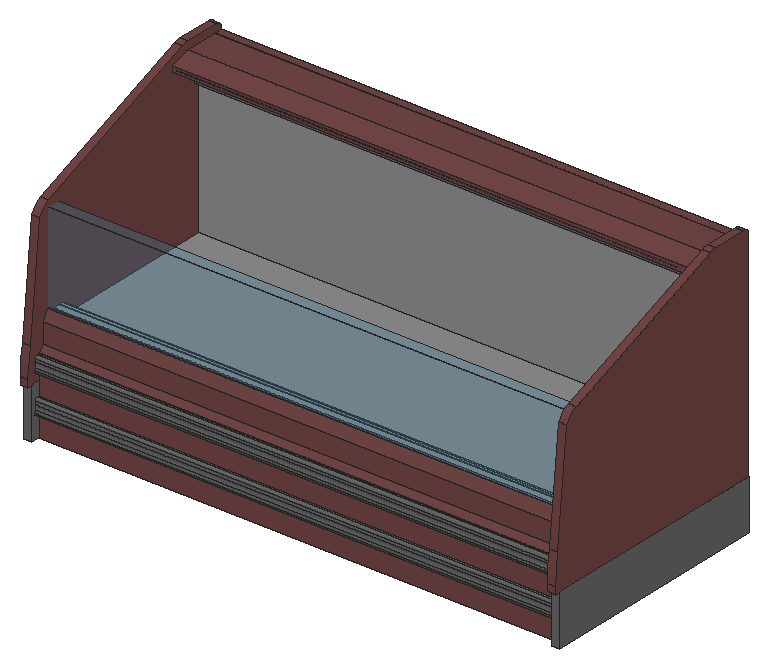
Revit family "UPA", category Mechanical Equipment, Revit 2019
Family settings
  Round Connector Dimension = Use Radius
  Part Type = Normal
  OmniClass Number = 23.40.40.11.17
  OmniClass Title = Refrigerated Cases
  Work Plane-Based = Yes
  Always vertical = Yes
  Cut with Voids When Loaded = No
  Shared = No
  Room Calculation Point = No
Parameters (values of type "UPA-8'")
  Width = 43 1/8"  # constant formula
  URL = "http://www.hillphoenix.com/?s=UPA"
  TOP REFRIGERATION PIPING = yes
  TOP ELECTRICAL = yes
  TOEKICK [instance] = BLACK PAINTED METAL
  Shelf distance = 48"
  STAINLESS STEEL = GALVANIZED STEEL
  SANITARY PIPE SIZE = DRAIN LINE DIAMETER / 2  # 3/4"
  Refgn = 8 5/8"
  Refrig Charge Lbs = "-"  # constant formula
  RT STD END = yes
  REFRIGERATION PIPING = COPPER PIPE
  SUCTION LINE RADIUS = SUCTION LINE DIAMETER / 2  # 1/4"
  SUCTION LINE DIAMETER = 1" / 2  # 1/2"
  SUCTION LINE CONNECTION = "SUCTION LINE CONNECTION"  # constant formula
  RUBBER BUMPER [instance] = BLACK
  REAR REFRIGERATION PIPING = yes
  PRESSURE REGULATOR = 0.00 psi  # constant formula
  POWER FACTOR = 0  # constant formula
  PAINTED METAL UPPER SHELF = PAINTED SHELVES
  PAINTED METAL INTERIOR [instance] = GALVANIZED STEEL
  PAINTED METAL EXTERIOR [instance] = CHARCOAL BROWN
  Number of Shelf = 3
  Number of Doors = 2
  Model = "UPA"  # constant formula
  Manufacturer = "HILL PHOENIX"  # constant formula
  Load Mbh = 0  # constant formula
  Length = 96"
  Legend Number = Model  # "UPA"
  LOAD 5 WATTAGE = 0 W  # constant formula
  LOAD 5 VOLTAGE = 120 V  # constant formula
  LOAD 5 POLES = 1
  LOAD 5 PLUG TYPE = "HARDWIRED"  # constant formula
  LOAD 5 DESCRIPTION = "DRAIN HEATER CONNECTION"  # constant formula
  LOAD 5 CLASSIFICATION = none
  LOAD 4 WATTAGE = 0 W
  LOAD 4 VOLTAGE = 208 V  # constant formula
  LOAD 4 POLES = 1
  LOAD 4 PLUG TYPE = "HARDWIRED"  # constant formula
  LOAD 4 DESCRIPTION = "DEFROST HEATER CONNECTION"  # constant formula
  LOAD 4 CLASSIFICATION = none
  LOAD 3 WATTAGE = 0 W
  LOAD 3 VOLTAGE = 120 V  # constant formula
  LOAD 3 POLES = 1
  LOAD 3 PLUG TYPE = "HARDWIRED"  # constant formula
  LOAD 3 DESCRIPTION = "ANTI-SWEAT CONNECTION"  # constant formula
  LOAD 3 CLASSIFICATION = Power
  LOAD 2 WATTAGE = 0 W
  LOAD 2 VOLTAGE = 120 V  # constant formula
  LOAD 2 POLES = 1
  LOAD 2 PLUG TYPE = "HARDWIRED"  # constant formula
  LOAD 2 DESCRIPTION = "HIGH EFFICIENCY FANS CONNECTION"  # constant formula
  LOAD 2 CLASSIFICATION = Motor
  LOAD 1 WATTAGE = 0 W
  LOAD 1 VOLTAGE = 120 V  # constant formula
  LOAD 1 POLES = 1
  LOAD 1 PLUG TYPE = "HARDWIRED"  # constant formula
  LOAD 1 DESCRIPTION = "LIGHTS - STANDARD POWER (SHELF or CORNICE)"  # constant formula
  LOAD 1 CLASSIFICATION = Lighting
  LIQUID LINE RADIUS = 3/16"  # constant formula
  LIQUID LINE DIAMETER = LIQUID LINE RADIUS * 2  # 3/8"
  LIQUID LINE CONNECTION = "LIQUID LINE CONNECTION"  # constant formula
  LIGHT AMPS = 0 A  # constant formula
  LF STD END = yes
  LEFT END = yes
  Keynote = ""  # constant formula
  Item Description = Description  # "Mobile Single-Deck Self-Contained Merchandiser"
  Height = 49 1/4"  # constant formula
  HIGH EFFICIENCY FANS AMPS = 0 A  # constant formula
  GLASS = Glass
  Evap Temp = 0  # constant formula
  Ends = yes
  EQUIPMENT MARK = Legend Number  # "UPA"
  EQUIPMENT DESCRIPTION = Item Description  # "Mobile Single-Deck Self-Contained Merchandiser"
  END PANEL = none
  Door = Door 8' : OGM-8'
  Description = "Mobile Single-Deck Self-Contained Merchandiser"  # constant formula
  Defrost Type = "TIMED-OFF DEFROST"  # constant formula
  Defrost Termination = "- °F"  # constant formula
  Defrost Num Day = 0  # constant formula
  Default Elevation = 48"
  DRIP PAN PLUMB TYPE = "HARD"  # constant formula
  DRAIN PIPING = yes
  DRAIN PIPE TYPE = "PVC"  # constant formula
  DRAIN LINE DIAMETER = 1 1/2"  # constant formula
  DRAIN LINE CONNECTION = "SANITARY CONNECTION"  # constant formula
  DRAIN HEATERS AMPS = 0 A  # constant formula
  DISCHARGE AIR VELOCITY = "-(FPM)"  # constant formula
  DISCHARGE AIR TEMP = 0 °F  # constant formula
  DESIGNERS NAME = "SHIDDRAMESH"  # constant formula
  DEFROST AMPS = 0 A  # constant formula
  DATE = "05/11/2017"  # constant formula
  Certifications = "NSF 7, UL471, CSA"  # constant formula
  CENTER LINE = 48"
  BOTTOM REFRIGERATION PIPING = yes
  BOTTOM ELECTRICAL = yes
  BASE [instance] = BLACK PAINTED METAL
  Assembly Code = ""
  ANTI CON AMPS = 0 A  # constant formula
  8" Shelf = yes
  10" Shelf = yes
Reference planes (in)
  plane 1: z = 0.01963
  plane 2 "LEFT": x = 0
  plane 3 "CASE RIGHT": x = 96
  plane 4: z = 0
  plane 5: x = 48
  plane 6: x = 97.5
  plane 7: y = -18.93244
  plane 8: y = -62.05744
  plane 9: z = 49.25
  plane 10: z = -1.0112
  plane 11: through (-240, -30.65526, 50.0876) normal (0, 0.7954, 0.6061)
  plane 12: through (-240, -60.33733, 26.52557) normal (0, 0.7954, 0.6061)
  plane 13: z = -1.3125
Forms (in)
  Extrusion 1, solid, material "Glass" <- "GLASS"
    sketch origin (0, 0, -0.34953) x (0, 1, 0) y (0, 0, 1)
      loop
        line (-58.85529, 19.69617) -> (-57.58763, 19.69617) -> (-57.58763, 20.43295) -> (-56.56278, 20.43295) -> (-56.56278, 37.58833) -> (-58.85529, 37.58833) -> (-58.85529, 20.73127) -> (-58.85529, 19.69617)
    from 0 to 96
  Extrusion 2, solid, material "CHARCOAL BROWN" <- "PAINTED METAL EXTERIOR"
    sketch origin (0, 0, 0) x (0, 1, 0) y (0, 0, 1)
      loop
        line (-58.85529, 19.34665) -> (-58.85529, 20.73127) -> (-59.09928, 20.73127) -> (-60.17904, 18.78772) -> (-60.17904, 15.11655) -> (-59.09928, 15.11655) -> (-59.09928, 19.34665) -> (-58.85529, 19.34665)
    from 0 to 96
  Extrusion 3, solid, material "GALVANIZED STEEL" <- "PAINTED METAL INTERIOR"
    sketch origin (0, 0, 0) x (0, 1, 0) y (0, 0, 1)
      loop
        line (-20.43244, 43.04891) -> (-24.21991, 43.04891) -> (-24.21991, 17.89423) -> (-52.80108, 17.89423) -> (-55.42812, 20.08342) -> (-55.64407, 20.08342) -> (-56.07597, 20.08342) -> (-57.58763, 20.08342) -> (-57.58763, 19.34665) -> (-57.58763, 15.67548) -> (-45.49438, 15.67548) -> (-42.98394, 10.8638) -> (-21.27416, 10.8638) -> (-20.43244, 15.8638) -> (-20.43244, 43.04891)
    from 0 to 96
  Extrusion 4, solid, material "CHARCOAL BROWN" <- "PAINTED METAL EXTERIOR"
    sketch origin (0, 0, 0) x (0, 1, 0) y (0, 0, 1)
      loop
        line (-57.58763, 15.67548) -> (-57.58763, 19.34665) -> (-59.09928, 19.34665) -> (-59.09928, 14.16383) -> (-46.57414, 14.16383) -> (-43.73776, 9.3638) -> (-18.93244, 9.3638) -> (-18.93244, 49.25) -> (-20.43244, 49.25) -> (-20.43244, 15.8638) -> (-21.27416, 10.8638) -> (-42.98394, 10.8638) -> (-45.49438, 15.67548) -> (-57.58763, 15.67548)
    from 0 to 96
  Extrusion 5, solid, material "CHARCOAL BROWN" <- "PAINTED METAL EXTERIOR"
    sketch origin (0, 0, 0) x (0, 1, 0) y (0, 0, 1)
      loop
        line (-25.29146, 47.04891) -> (-24.29146, 47.04891) -> (-24.29146, 43.04891) -> (-20.43244, 43.04891) -> (-20.43244, 49.2388) -> (-26.70667, 49.2388) -> (-30.37783, 48.15905) -> (-30.37783, 47.0793) -> (-29.94593, 47.0793) -> (-29.94593, 47.72715) -> (-27.57047, 48.375) -> (-25.29146, 47.61533) -> (-25.29146, 47.04891)
    from 0 to 96
  Extrusion 6, solid, material "GALVANIZED STEEL" <- "PAINTED METAL INTERIOR"
    sketch origin (0, 0, 0) x (0, 1, 0) y (0, 0, 1)
      loop
        circle (-28.77235, 47.09102) r 0.5
    from 0 to 96
  Extrusion 7, solid, material "BLACK PAINTED METAL" <- "BASE"
    sketch origin (0, 0, 0) x (0, 1, 0) y (0, 0, 1)
      loop
        line (-24.29146, 47.04891) -> (-25.29146, 47.04891) -> (-25.29146, 43.04891) -> (-24.29146, 43.04891) -> (-24.29146, 47.04891)
    from 0 to 96
  Extrusion 8, solid, material "BLACK PAINTED METAL" <- "BASE"
    sketch origin (0, 0, 0) x (0, 1, 0) y (0, 0, 1)
      loop
        line (-18.93244, 9.3638) -> (-43.73776, 9.3638) -> (-46.57414, 14.16383) -> (-59.31523, 14.16383) -> (-59.31523, 0) -> (-58.01953, 0) -> (-58.01953, 3.88711) -> (-20.22814, 3.88711) -> (-20.22814, 0) -> (-18.93244, 0) -> (-18.93244, 9.3638)
    from 0 to 96
  Extrusion 9, solid, material "CHARCOAL BROWN" <- "PAINTED METAL EXTERIOR"
    sketch origin (0, 0, 0) x (0, 1, 0) y (0, 0, 1)
      loop
        line (-59.31523, 0) -> (-59.31523, 14.16383) -> (-59.09928, 14.16383) -> (-59.09928, 15.11655) -> (-60.17904, 15.11655) -> (-61.05744, 14.0368) -> (-61.05744, 4) -> (-61.05744, 0) -> (-59.31523, 0)
    from 0 to 96
  Extrusion 10, solid, material "BLACK PAINTED METAL" <- "BASE"
    sketch origin (0, 0, 0) x (0, 1, 0) y (0, 0, 1)
      loop
        arc (-61.55744, 7) -> (-61.91099, 6.85355) -> (-62.05744, 6.5) r 0.5
        line (-62.05744, 6.5) -> (-62.05744, 5.98412)
        arc (-62.05744, 5.98412) -> (-61.93244, 5.5) -> (-62.05744, 5.01588) r 1
        line (-62.05744, 5.01588) -> (-62.05744, 4.5)
        arc (-62.05744, 4.5) -> (-61.91099, 4.14645) -> (-61.55744, 4) r 0.5
        line (-61.55744, 4) -> (-61.05744, 4) -> (-61.05744, 7) -> (-61.55744, 7)
    from 0 to 96
  Extrusion 11, solid, material "BLACK PAINTED METAL" <- "BASE"
    sketch origin (0, 0, 7) x (0, 1, 0) y (0, 0, 1)
      loop
        arc (-61.55744, 7) -> (-61.91099, 6.85355) -> (-62.05744, 6.5) r 0.5
        line (-62.05744, 6.5) -> (-62.05744, 5.98412)
        arc (-62.05744, 5.98412) -> (-61.93244, 5.5) -> (-62.05744, 5.01588) r 1
        line (-62.05744, 5.01588) -> (-62.05744, 4.5)
        arc (-62.05744, 4.5) -> (-61.91099, 4.14645) -> (-61.55744, 4) r 0.5
        line (-61.55744, 4) -> (-61.05744, 4) -> (-61.05744, 7) -> (-61.55744, 7)
    from 0 to 96
  Extrusion 12, solid, material "CHARCOAL BROWN" <- "PAINTED METAL EXTERIOR"
    sketch origin (0, 0, 0) x (0, 1, 0) y (0, 0, 1)
      loop
        arc (-58.66839, 38.37938) -> (-59.94056, 37.55322) -> (-60.76672, 36.28105) r 3.64792
        line (-60.76672, 36.28105) -> (-62.88796, 16.09883)
        arc (-62.88796, 16.09883) -> (-63.31778, 13.38502) -> (-63.46158, 10.64115) r 26.25
        line (-63.46158, 10.64115) -> (-63.46158, 9.36298) -> (-18.93244, 9.36298) -> (-18.93244, 49.51725)
        arc (-18.93244, 49.51725) -> (-19.22533, 50.22436) -> (-19.93244, 50.51725) r 1
        line (-19.93244, 50.51725) -> (-26.51935, 50.51725)
        arc (-26.51935, 50.51725) -> (-27.12504, 50.45359) -> (-27.70425, 50.26539) r 2.91319
        line (-27.70425, 50.26539) -> (-58.66839, 38.37938)
    from 0 to -1.47538
  Extrusion 13, solid, material "BLACK PAINTED METAL" <- "BASE"
    sketch origin (0, 0, 0) x (0, 1, 0) y (0, 0, 1)
      loop
        line (-62.55744, 9.36298) -> (-62.55744, 0) -> (-18.93244, 0) -> (-18.93244, 9.36298) -> (-62.55744, 9.36298)
    from 0 to -1.47538
  Extrusion 14, solid, material "CHARCOAL BROWN" <- "PAINTED METAL EXTERIOR"
    sketch origin (96, 0, 0) x (0, 1, 0) y (0, 0, -1)
      loop
        line (-58.66839, -38.37938) -> (-27.70425, -50.26539)
        arc (-27.70425, -50.26539) -> (-27.12504, -50.45359) -> (-26.51935, -50.51725) r 2.91319
        line (-26.51935, -50.51725) -> (-19.93244, -50.51725)
        arc (-19.93244, -50.51725) -> (-19.22533, -50.22436) -> (-18.93244, -49.51725) r 1
        line (-18.93244, -49.51725) -> (-18.93244, -9.36298) -> (-63.46158, -9.36298) -> (-63.46158, -10.64115)
        arc (-63.46158, -10.64115) -> (-63.31778, -13.38502) -> (-62.88796, -16.09883) r 26.25
        line (-62.88796, -16.09883) -> (-60.76672, -36.28105)
        arc (-60.76672, -36.28105) -> (-59.94056, -37.55322) -> (-58.66839, -38.37938) r 3.64792
    from 0 to -1.47538
  Extrusion 15, solid, material "BLACK PAINTED METAL" <- "BASE"
    sketch origin (96, 0, 0) x (0, 1, 0) y (0, 0, -1)
      loop
        line (-62.55744, -9.36298) -> (-18.93244, -9.36298) -> (-18.93244, 0) -> (-62.55744, 0) -> (-62.55744, -9.36298)
    from 0 to -1.47538
Lines and regions (in)
  model lines
    curve 1: circle (0, -23.4674, 0.9888) r 2 normal (-1, 0, 0)
    curve 2: circle (0, -52.40481, 0.9888) r 2 normal (-1, 0, 0)
Dimensions and locks (in)
  "Length": plane 2 "LEFT" to plane 3 "CASE RIGHT"
  "CENTER LINE": plane 2 "LEFT" to plane 5
  locked: plane 3 "CASE RIGHT" to plane 6 at 1.5
  "Height": plane 4 to plane 9
  "Width": plane 7 to plane 8
  Extrusion 13 to Extrusion 9 = 42 1/8"
  Extrusion 12 to Extrusion 5 = 7.77423"
  Extrusion 7 to Extrusion 3 = 25.15469"
  Extrusion 3 to Extrusion 3 = 28.58118"
  plane 10 to Extrusion 2 = 21.74247"
  plane 10 to Extrusion 1 = 38 1/4"
  plane 11 to plane 12 = 37.88973"
  plane 13 to Extrusion 5 = 50.5513"
Automatic sketch dimensions
  Extrusion 2 sketch curve to plane 8 = 1.8784"
  Extrusion 2 sketch curve to Extrusion 2 sketch curve = 1.07975"
  Extrusion 2 sketch curve to Extrusion 2 sketch curve = 0"
  Extrusion 2 sketch curve to Extrusion 2 sketch curve = 0.244"
  plane 1 to Extrusion 2 sketch curve = 15.09692"
  Extrusion 2 sketch curve to Extrusion 2 sketch curve = 3.67116"
  Extrusion 2 sketch curve to Extrusion 2 sketch curve = 0.55893"
  Extrusion 2 sketch curve to Extrusion 2 sketch curve = 1.38463"
  Extrusion 4 sketch curve to plane 7 = 0"
  plane 7 to Extrusion 4 sketch curve = 1 1/2"
  plane 7 to Extrusion 4 sketch curve = 2.34172"
  Extrusion 4 sketch curve to plane 8 = 19.0735"
  Extrusion 4 sketch curve to Extrusion 4 sketch curve = 0.75382"
  Extrusion 4 sketch curve to Extrusion 4 sketch curve = 2.51044"
  Extrusion 4 sketch curve to Extrusion 4 sketch curve = 1.07975"
  Extrusion 4 sketch curve to plane 8 = 4.46981"
  Extrusion 4 sketch curve to Extrusion 4 sketch curve = 1.51166"  (x2)
  plane 1 to Extrusion 4 sketch curve = 9.34417"
  Extrusion 4 sketch curve to Extrusion 4 sketch curve = 1 1/2"
  plane 1 to Extrusion 4 sketch curve = 14.1442"
  Extrusion 4 sketch curve to Extrusion 4 sketch curve = 5"
  Extrusion 4 sketch curve to Extrusion 4 sketch curve = 3.67116"
  plane 9 to Extrusion 4 sketch curve = 0"
  plane 9 to Extrusion 5 sketch curve = 1.09095"
  plane 7 to Extrusion 5 sketch curve = 11.44539"
  Extrusion 5 sketch curve to Extrusion 5 sketch curve = 0.4319"  (x2)
  plane 9 to Extrusion 5 sketch curve = 7/8"
  Extrusion 5 sketch curve to Extrusion 5 sketch curve = 2.37546"
  plane 9 to Extrusion 5 sketch curve = 0.0112"
  Extrusion 5 sketch curve to Extrusion 5 sketch curve = 0.8638"
  Extrusion 5 sketch curve to Extrusion 5 sketch curve = 1.4152"
  Extrusion 5 sketch curve to Extrusion 5 sketch curve = 1"
  plane 7 to Extrusion 5 sketch curve = 1 1/2"
  plane 9 to Extrusion 5 sketch curve = 1.63467"
  Extrusion 5 sketch curve to Extrusion 5 sketch curve = 0.64785"
  Extrusion 5 sketch curve to Extrusion 5 sketch curve = 145/256"
  Extrusion 5 sketch curve to Extrusion 5 sketch curve = 4"
  plane 9 to Extrusion 7 sketch curve = 2.20109"
  plane 7 to Extrusion 7 sketch curve = 6.35903"
  Extrusion 7 sketch curve to Extrusion 7 sketch curve = 1"
  Extrusion 7 sketch curve to Extrusion 7 sketch curve = 4"
  level to Extrusion 8 sketch curve = 0"
  Extrusion 8 sketch curve to plane 7 = 0"
  plane 7 to Extrusion 8 sketch curve = 1.2957"
  Extrusion 8 sketch curve to plane 8 = 18.31968"
  Extrusion 8 sketch curve to Extrusion 8 sketch curve = 2.83638"
  Extrusion 8 sketch curve to plane 8 = 4.03791"
  Extrusion 8 sketch curve to Extrusion 8 sketch curve = 1.2957"
  Extrusion 8 sketch curve to plane 1 = 0.01963"
  plane 1 to Extrusion 8 sketch curve = 3.86748"
  Extrusion 8 sketch curve to Extrusion 8 sketch curve = 5.47669"
  Extrusion 8 sketch curve to Extrusion 8 sketch curve = 10.27671"
  level to Extrusion 9 sketch curve = 0"
  Extrusion 9 sketch curve to plane 8 = 1"
  Extrusion 9 sketch curve to Extrusion 9 sketch curve = 0.8784"
  Extrusion 9 sketch curve to Extrusion 9 sketch curve = 1 95/128"
  Extrusion 9 sketch curve to Extrusion 9 sketch curve = 0.21595"
  plane 1 to Extrusion 9 sketch curve = 3.98037"
  Extrusion 9 sketch curve to Extrusion 9 sketch curve = 10.0368"
  Extrusion 9 sketch curve to Extrusion 9 sketch curve = 0.12703"
  Extrusion 9 sketch curve to Extrusion 9 sketch curve = 0.95273"
  Extrusion 10 sketch curve to plane 8 = 0"  (x2)
  plane 8 to Extrusion 10 sketch curve = 7/8"
  Extrusion 10 sketch curve to Extrusion 10 sketch curve = 1/2"  (x2)
  Extrusion 10 sketch curve to plane 8 = 1/2"
  plane 1 to Extrusion 10 sketch curve = 3.98037"
  Extrusion 10 sketch curve to Extrusion 10 sketch curve = 0.51588"  (x2)
  Extrusion 10 sketch curve to Extrusion 10 sketch curve = 0.48412"
  Extrusion 11 sketch curve to plane 8 = 0"  (x2)
  plane 8 to Extrusion 11 sketch curve = 7/8"
  Extrusion 11 sketch curve to Extrusion 11 sketch curve = 1/2"  (x3)
  plane 1 to Extrusion 11 sketch curve = 10.98037"
  Extrusion 11 sketch curve to Extrusion 11 sketch curve = 0.51588"  (x2)
  Extrusion 11 sketch curve to Extrusion 11 sketch curve = 0.48412"
  level to Extrusion 13 sketch curve = 0"
  Extrusion 13 sketch curve to plane 7 = 0"
  plane 8 to Extrusion 13 sketch curve = 1/2"
  plane 1 to Extrusion 13 sketch curve = 9.34335"
  Extrusion 15 sketch curve to level = 0"
  Extrusion 15 sketch curve to plane 7 = 0"
  plane 8 to Extrusion 15 sketch curve = 1/2"
  plane 1 to Extrusion 15 sketch curve = 9.34335"
  Extrusion 1 sketch curve to plane 8 = 3.20215"
  Extrusion 1 sketch curve to Extrusion 1 sketch curve = 1.26766"
  Extrusion 1 sketch curve to Extrusion 1 sketch curve = 2.29251"
  plane 1 to Extrusion 1 sketch curve = 19.32701"
  Extrusion 1 sketch curve to Extrusion 1 sketch curve = 0.73678"
  Extrusion 1 sketch curve to Extrusion 1 sketch curve = 1.0351"
  plane 9 to Extrusion 1 sketch curve = 12.0112"
  Extrusion 12 sketch curve to plane 7 = 0"
  plane 7 to Extrusion 12 sketch curve = 1"
  Extrusion 12 sketch curve to plane 9 = 1.26725"
  Extrusion 12 sketch curve to Extrusion 12 sketch curve = 6.58691"
  Extrusion 12 sketch curve to plane 9 = 1.01539"
  Extrusion 12 sketch curve to Extrusion 12 sketch curve = 1.1849"
  plane 7 to Extrusion 12 sketch curve = 18.27915"
  Extrusion 12 sketch curve to plane 8 = 4.69634"
  plane 8 to Extrusion 12 sketch curve = 0.83052"
  plane 8 to Extrusion 12 sketch curve = 1.40415"
  plane 9 to Extrusion 12 sketch curve = 14.27625"
  plane 1 to Extrusion 12 sketch curve = 16.0792"
  Extrusion 12 sketch curve to Extrusion 12 sketch curve = 1.27817"
  Extrusion 12 sketch curve to plane 8 = 3.38905"
  Extrusion 12 sketch curve to plane 8 = 1.29072"
  Extrusion 12 sketch curve to Extrusion 12 sketch curve = 3.40563"
  Extrusion 14 sketch curve to plane 7 = 0"
  plane 7 to Extrusion 14 sketch curve = 1"
  Extrusion 14 sketch curve to plane 9 = 1.26725"
  Extrusion 14 sketch curve to Extrusion 14 sketch curve = 6.58691"
  Extrusion 14 sketch curve to plane 9 = 1.01539"
  Extrusion 14 sketch curve to Extrusion 14 sketch curve = 1.1849"
  plane 7 to Extrusion 14 sketch curve = 18.27915"
  Extrusion 14 sketch curve to plane 8 = 4.69634"
  plane 8 to Extrusion 14 sketch curve = 0.83052"
  plane 8 to Extrusion 14 sketch curve = 1.40415"
  plane 9 to Extrusion 14 sketch curve = 14.27625"
  plane 1 to Extrusion 14 sketch curve = 16.0792"
  Extrusion 14 sketch curve to Extrusion 14 sketch curve = 1.27817"
  Extrusion 14 sketch curve to plane 8 = 3.38905"
  Extrusion 14 sketch curve to plane 8 = 1.29072"
  Extrusion 14 sketch curve to Extrusion 14 sketch curve = 3.40563"
  Extrusion 3 sketch curve to plane 8 = 4.46981"
  Extrusion 3 sketch curve to Extrusion 3 sketch curve = 1.51166"
  Extrusion 3 sketch curve to Extrusion 3 sketch curve = 0.4319"
  Extrusion 3 sketch curve to Extrusion 3 sketch curve = 0.21595"
  Extrusion 3 sketch curve to Extrusion 3 sketch curve = 2.62703"
  Extrusion 3 sketch curve to Extrusion 3 sketch curve = 7.3067"
  Extrusion 3 sketch curve to Extrusion 3 sketch curve = 2.51044"
  plane 7 to Extrusion 3 sketch curve = 5.28747"
  plane 7 to Extrusion 3 sketch curve = 2.34172"
  plane 7 to Extrusion 3 sketch curve = 1 1/2"
  plane 1 to Extrusion 3 sketch curve = 10.84417"
  Extrusion 3 sketch curve to Extrusion 3 sketch curve = 4.81168"
  Extrusion 3 sketch curve to Extrusion 3 sketch curve = 5"
  Extrusion 3 sketch curve to Extrusion 3 sketch curve = 2 7/32"
  Extrusion 3 sketch curve to Extrusion 3 sketch curve = 3.67116"
  Extrusion 3 sketch curve to Extrusion 3 sketch curve = 0.73678"
  plane 9 to Extrusion 3 sketch curve = 6.20109"
